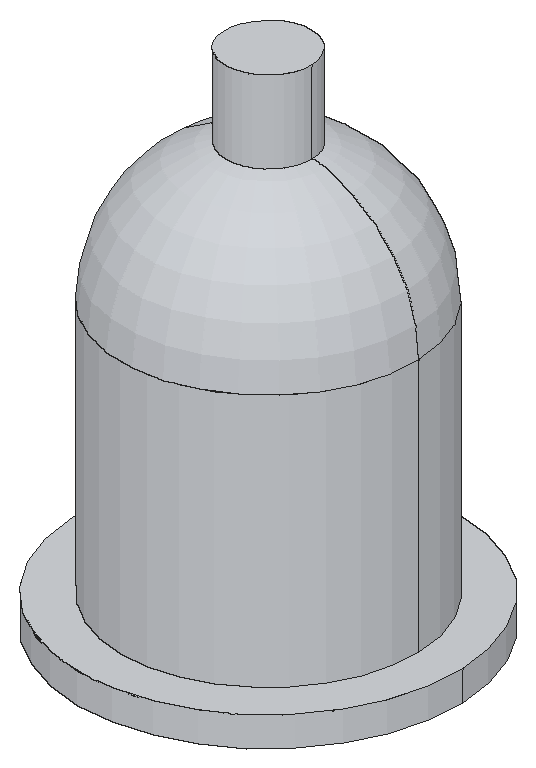
Revit family
Parameters
  Viking Part Number = "14800"
  URL = "http://www.vikinggroupinc.com/databook/drysystems/equipment/091707.pdf"
  Rev. Date = "05-10-10"
  Model = "LD-1"
  Manufacturer = "The Viking Corporation"
  Description = "Anti-Column Device"
Reference planes (in)
  plane 1 "Center (Front/Back)": y = 0
  plane 2 "Bottom": z = 0
  plane 3 "Center (Left/Right)": x = 0
  plane 4 "top flat": z = 3.821
  plane 5 "cover bottom": z = 0.542
  plane 6 "cover top": z = 0.883
  plane 7 "inlet cl right": x = 0.735
  plane 8 "outlet": z = 6.366
Forms (in)
  Extrusion 1, solid
    sketch origin (0, 0, 0) x (1, 0, 0) y (0, 1, 0)
      loop
        circle (0.735, 0) r 0.493
    from 0 to 0.542
  Extrusion 2, solid
    sketch origin (0, 0, 0) x (1, 0, 0) y (0, 1, 0)
      loop
        circle (0, 0) r 2.179
    from 0.542 to 0.883
  Extrusion 3, solid
    sketch origin (0, 0, 0) x (1, 0, 0) y (0, 1, 0)
      loop
        circle (0, 0) r 1.69
    from 0.883 to 3.821
  Revolve 4, solid
    sketch origin (0, 0, 0) x (1, 0, 0) y (0, 0, 1)
      loop
        line (-1.69, 3.821) -> (0, 3.821) -> (0, 5.511)
        arc (0, 5.511) -> (-1.19501, 5.01601) -> (-1.69, 3.821) r 1.69
      axis (0, 5.511) -> (0, 3.821)
    angle from 0 to 360
  Extrusion 5, solid
    sketch origin (0, 0, 0) x (1, 0, 0) y (0, 1, 0)
      loop
        circle (0, 0) r 0.492
    from 3.821 to 6.366
Cuts and joins
  joined: Extrusion 1, Extrusion 3, Revolve 4
Dimensions and locks (in)
  plane 5 "cover bottom" to plane 2 "Bottom" = 0.542"
  plane 6 "cover top" to plane 2 "Bottom" = 0.883"
  plane 7 "inlet cl right" to plane 3 "Center (Left/Right)" = 0.735"
  plane 4 "top flat" to plane 2 "Bottom" = 3.821"
  plane 8 "outlet" to plane 2 "Bottom" = 6.366"
  aligned and locked: Extrusion 1 to plane 2 "Bottom"
  aligned and locked: plane 5 "cover bottom" to Extrusion 1
  aligned and locked: Extrusion 2 to plane 5 "cover bottom"
  aligned and locked: Extrusion 2 to plane 6 "cover top"
  aligned and locked: plane 6 "cover top" to Extrusion 3
  aligned and locked: plane 4 "top flat" to Extrusion 3
  aligned and locked: Extrusion 5 to plane 4 "top flat"
  aligned and locked: plane 8 "outlet" to Extrusion 5
Connectors (in)
  piping at (0.735, 0, 0)
    settings: on cut or joined group of Extrusion 1, Extrusion 3, Revolve 4, index 1
  piping at (0, 0, 6.366)
    settings: on Extrusion 5, index 2
